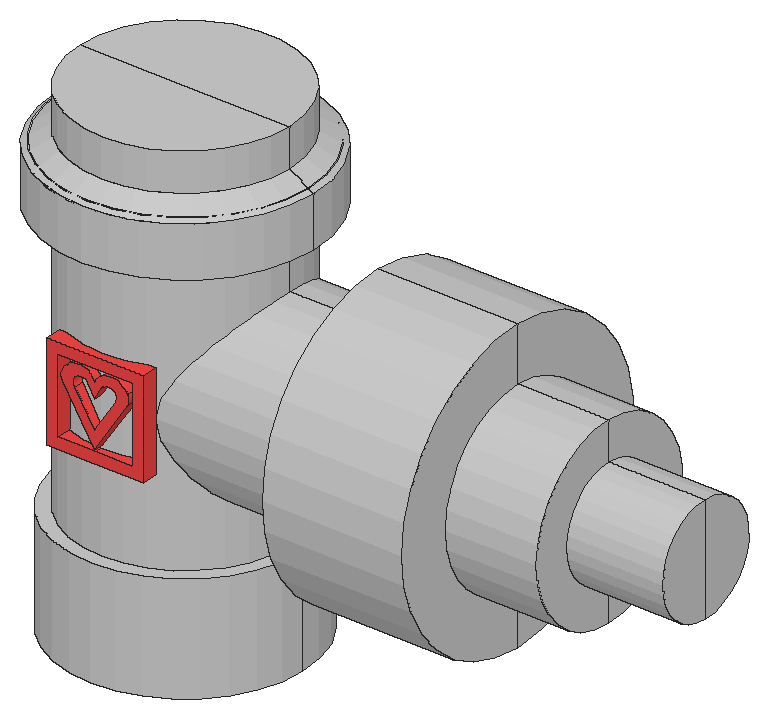
Revit family "RL-5 Rücklaufventil Eck 3924", category Rohrzubehör, Revit 2021
Family settings
  Bemaßung runder Anschluss = Durchmesser verwenden
  Teiletyp = Unterbricht
  OmniClass-Nummer = 23.65.55.14
  OmniClass-Titel = Valves for Liquid Services
  Arbeitsebenenbasiert = Nein
  Immer vertikal = Nein
  Beim Laden mit Abzugskörper schneiden = Nein
  Gemeinsam genutzt = Nein
Parameters
  W01 = 120.00°  # constant formula
  Vorgabe-Ansicht = 0.000 mm
  URL = "www.herz-armaturen.at"
  SCRNSEQ = "ARM;ARM_TYP=\"ALLF\";2"
  SCRNCODE = "05;01;02"  # constant formula
  S04 = 45.000 mm  # constant formula
  S03 [instance] = H02 - 5.000 mm + 41.000 mm  # 54.000 mm
  S02 [instance] = L04 + L03 - L02  # 23.000 mm
  S01 = 10.000 mm  # constant formula
  R04 = 9.750 mm  # constant formula
  R03 = 12.000 mm  # constant formula
  R02 = 9.750 mm  # constant formula
  Nennweite [instance] = 10.000 mm
  Medium = "Heizwasserqualität entsprechend ÖNORM H 5195 bzw. VDI-Richtllinie 2035."
  Max.Betriebstemperatur = 120 °C  # constant formula
  Max.Betriebsdruck = 1000000.0 Pa  # constant formula
  LO1 [instance] = D03 - 0.500 mm  # 11.000 mm
  L04 [instance] = size_lookup("3924_5_", "L4", 1.000 mm, Nennweite)  # 17.500 mm
  L03 [instance] = size_lookup("3924_5_", "L3", 1.000 mm, Nennweite)  # 13.000 mm
  L02 [instance] = size_lookup("3924_5_", "L2", 1.000 mm, Nennweite)  # 7.500 mm
  L01 [instance] = size_lookup("3924_5_", "L1", 1.000 mm, Nennweite)  # 25.500 mm
  Hersteller = "HERZ Armaturen Ges.m.b.H."  # constant formula
  H07 [instance] = H02 - H04  # 13.000 mm
  H06 = 3.500 mm  # constant formula
  H05 = 9.500 mm  # constant formula
  H04 = 5.000 mm  # constant formula
  H03 [instance] = size_lookup("3924_5_", "H3", 1.000 mm, Nennweite)  # 10.000 mm
  H02 [instance] = size_lookup("3924_5_", "H2", 1.000 mm, Nennweite)  # 18.000 mm
  H01 [instance] = size_lookup("3924_5_", "H1", 1.000 mm, Nennweite)  # 22.500 mm
  Gehäuse = "vernickeltes Messing"  # constant formula
  GT1 [instance] = size_lookup("3924_5_", "GT1", 1.000 mm, Nennweite)  # 9.000 mm
  GT [instance] = size_lookup("3924_5_", "GT", 1.000 mm, Nennweite)  # 10.000 mm
  G2 [instance] = Nennweite / 2  # 5.000 mm
  G1 [instance] = Nennweite / 2  # 5.000 mm
  R01 = 11.000 mm  # constant formula
  D06 [instance] = 8.750 mm  # constant formula
  D05 [instance] = size_lookup("3924_5_", "D5", 1.000 mm, Nennweite)  # 8.500 mm
  D04 [instance] = size_lookup("3924_5_", "D4", 1.000 mm, Nennweite)  # 13.500 mm
  D03 [instance] = 11.500 mm  # constant formula
  D02 [instance] = size_lookup("3924_5_", "D2", 1.000 mm, Nennweite)  # 7.940 mm
  D01 [instance] = size_lookup("3924_5_", "D1", 1.000 mm, Nennweite)  # 11.000 mm
  Bestellnummer [instance] = size_lookup("3924_5_", "Artnr", 0, Nennweite)  # 1392400
  Ausführungen = "Alle Modelle werden in vernickelter Ausführung geliefert und sind Universalmodelle mit Spezialmuffe für Gewinderohr\r\nund Klemmsetanschluß."
  Anwendungsgebiet = "Warmwasser-Heizungsanlagen\r\nDurch den Einbau des Rücklaufventils ist der Heizkörper-Rücklaufanschluß absperrbar.\r\nBei gleichzeitiger Absperrung des Vorlaufventils kann der Heizkörper bei unter Druck stehender Anlage demontiert werden.\r\nServicearbeiten oder Arbeiten an der Wand hinter dem Heizkörper (Tapezierung, Verfliesung) sind durchführbar, ohne die übrige Anlage stillsetzen zu müssen.\r\nMit dem HERZ-RL-5-Ventil kann die durch den Heizkörper strömende Wassermenge entsprechend der geforderten Leistung genau einreguliert werden.\r\nDies empfiehlt sich besonders beim Einbau von Thermostatventilen ohne Voreinstellung, weil durch die Begrenzung der Wassermenge voll wirksam wird und das hydraulische Gleichgewicht der Anlage erhalten bleibt.\r\nÜber das HERZ-RL-5-Ventil kann der Heizkörper oder die Anlage gefüllt oder entleert werden."
Reference planes
  plane 1 "Mitte (Vorne/hinten)": y = 0
  plane 2: z = 0
  plane 3 "Mitte (Links/rechts)": x = 0
Forms (mm)
  Revolve 1, solid, material "Messing, weicher Gelbton, geschweißt", detail levels fine
    sketch origin (0, 0, 0) x (1, 0, 0) y (0, 0, 1)
      loop
        line (0, 18) -> (-11.5, 18) -> (-11.5, 13) -> (-9.75, 13) -> (-9.75, -12.5) -> (-11, -12.5) -> (-11, -22.5) -> (-5, -22.5) -> (-5, -12.5) -> (0, -12.5) -> (0, 18)
      axis (0, 18) -> (0, -22.5)
    angle from 0 to 360
  Revolve 2, solid, material "Messing, weicher Gelbton, geschweißt", detail levels fine
    sketch origin (0, 0, 0) x (1, 0, 0) y (0, 0, 1)
      loop
        line (0, 0) -> (25.5, 0) -> (25.5, 7.94) -> (18, 7.94) -> (18, 8.75) -> (0, 8.75) -> (0, 0)
      axis (0, 0) -> (25.5, 0)
    angle from 0 to 360
  Revolve 3, solid, material "Messing, weicher Gelbton, geschweißt", detail levels fine
    sketch origin (-1, 0, 0) x (1, 0, 0) y (0, 0, 1)
      loop
        line (26.5, 0) -> (49.5, 0) -> (49.5, 5) -> (40.5, 5) -> (40.5, 8.5) -> (32, 8.5) -> (32, 13.5) -> (19, 13.5) -> (19, 7.94) -> (26.5, 7.94) -> (26.5, 0)
      axis (19, 0) -> (49.5, 0)
    angle from 0 to 360
  Revolve 4, solid, material "Messing, weicher Gelbton, geschweißt", detail levels fine
    sketch origin (0, 0, 1.5) x (1, 0, 0) y (0, 0, 1)
      loop
        line (0, 11.5) -> (12, 11.5) -> (12, 16.201) -> (9.75, 17.5) -> (9.75, 21) -> (0, 21) -> (0, 11.5)
      axis (0, 21) -> (0, 11.5)
    angle from 0 to 360
Lines and regions (mm)
  model lines, detail levels coarse+medium
    curve 1: line (0, 0, 0) -> (11, 0, -22.5)
    curve 2: line (11, 0, -22.5) -> (-11, 0, -22.5)
    curve 3: line (-11, 0, -22.5) -> (0, 0, 0)
    curve 4: line (0, 0, 0) -> (25.5, 0, 13.5)
    curve 5: line (25.5, 0, 13.5) -> (25.5, 0, -13.5)
    curve 6: line (25.5, 0, -13.5) -> (0, 0, 0)
    curve 7: line (25.5, 0, 13.5) -> (35.5, 0, 13.5)
    curve 8: line (35.5, 0, 13.5) -> (25.5, 0, 0)
    curve 9: line (25.5, 0, -13.5) -> (35.5, 0, -13.5)
    curve 10: line (35.5, 0, -13.5) -> (25.5, 0, 0)
    curve 11: line (25.5, 0, 0) -> (48.5, 0, 0)
    curve 12: line (0, 0, 0) -> (11, -22.5, 0)
    curve 13: line (11, -22.5, 0) -> (-11, -22.5, 0)
    curve 14: line (-11, -22.5, 0) -> (0, 0, 0)
    curve 15: line (0, 0, 0) -> (25.5, 13.5, 0)
    curve 16: line (25.5, 13.5, 0) -> (25.5, -13.5, 0)
    curve 17: line (25.5, -13.5, 0) -> (0, 0, 0)
    curve 18: line (25.5, 13.5, 0) -> (35.5, 13.5, 0)
    curve 19: line (35.5, 13.5, 0) -> (25.5, 0, 0)
    curve 20: line (25.5, -13.5, 0) -> (35.5, -13.5, 0)
    curve 21: line (25.5, 0, 0) -> (35.5, -13.5, 0)
Dimensions and locks
  "H02": Revolve 1 sketch curve to plane 2
  "H01": plane 2 to Revolve 1 sketch curve
  "G1": Revolve 1 sketch curve to Revolve 1 sketch curve
  "D01": Revolve 1 sketch curve to Revolve 1 sketch curve
  "GT": Revolve 1 sketch curve to Revolve 1 sketch curve
  "H03": Revolve 1 sketch curve to Revolve 1 sketch curve
  "D02": Revolve 2 sketch curve to Revolve 2 sketch curve
  "D06": Revolve 2 sketch curve to Revolve 2 sketch curve
  "L02": Revolve 2 sketch curve to Revolve 2 sketch curve
  "R02": nested 1 to plane 1 "Mitte (Vorne/hinten)"
  "L02": Revolve 3 sketch curve to Revolve 3 sketch curve
  "L03": Revolve 3 sketch curve to Revolve 3 sketch curve
  "L04": Revolve 3 sketch curve to Revolve 3 sketch curve
  "D04": Revolve 3 sketch curve to Revolve 3 sketch curve
  "G2": Revolve 3 sketch curve to Revolve 3 sketch curve
  "D05": Revolve 3 sketch curve to Revolve 3 sketch curve
  "GT1": Revolve 3 sketch curve to Revolve 3 sketch curve
  "L01": plane 3 "Mitte (Links/rechts)" to Revolve 3 sketch curve
  "D02": Revolve 3 sketch curve to plane 2
  "H01": plane 2 to curve 2
  "L01": curve 5 to plane 3 "Mitte (Links/rechts)"
  "D01": curve 2 to plane 3 "Mitte (Links/rechts)" to curve 3
  "D04": curve 5 to plane 2 to curve 6
  "S01": curve 5 to curve 8
  "S01": curve 5 to curve 10
  "S02": curve 11 to curve 11
  "H01": curve 13 to plane 1 "Mitte (Vorne/hinten)"
  "D01": curve 14 to plane 3 "Mitte (Links/rechts)" to curve 13
  "L01": plane 3 "Mitte (Links/rechts)" to curve 16
  "D04": curve 17 to plane 1 "Mitte (Vorne/hinten)" to curve 16
  "S01": curve 16 to curve 19
  "S01": curve 16 to curve 21
  "R02": Revolve 1 sketch curve to Revolve 1 sketch curve
  "D03": Revolve 1 sketch curve to Revolve 1 sketch curve
  "H04": Revolve 1 sketch curve to Revolve 1 sketch curve
  "L01": Revolve 2 sketch curve to plane 3 "Mitte (Links/rechts)"
  "H05": Revolve 4 sketch curve to Revolve 4 sketch curve
  "R04": Revolve 4 sketch curve to Revolve 4 sketch curve
  "R03": Revolve 4 sketch curve to Revolve 4 sketch curve
  "H06": Revolve 4 sketch curve to Revolve 4 sketch curve
  "H07": Revolve 4 sketch curve to plane 2
  "W01": angle Revolve 4 sketch curve to Revolve 4 sketch curve
  aligned and locked: level to plane 2
Automatic sketch dimensions
  curve 4 to level = 0.000 mm
  curve 4 to plane 3 "Mitte (Links/rechts)" = 0.000 mm
  curve 11 to level = 0.000 mm
  curve 8 to level = 0.000 mm
  plane 1 "Mitte (Vorne/hinten)" to curve 14 = 0.000 mm
  curve 14 to plane 3 "Mitte (Links/rechts)" = 0.000 mm
  plane 1 "Mitte (Vorne/hinten)" to curve 19 = 0.000 mm
  Revolve 1 sketch curve to plane 3 "Mitte (Links/rechts)" = 0.000 mm  (x2)
  Revolve 1 sketch curve to Revolve 1 sketch curve = 345.545 mm
  Revolve 1 sketch curve to Revolve 1 sketch curve = 2189.815 mm
  Revolve 2 sketch curve to level = 0.000 mm  (x2)
  Revolve 2 sketch curve to plane 3 "Mitte (Links/rechts)" = 0.000 mm
  Revolve 2 sketch curve to plane 3 "Mitte (Links/rechts)" = 9.500 mm
  Revolve 2 sketch curve to Revolve 2 sketch curve = 1815.148 mm
  Revolve 3 sketch curve to level = 0.000 mm  (x2)
  Revolve 3 sketch curve to plane 3 "Mitte (Links/rechts)" = 1507.530 mm
  Revolve 3 sketch curve to Revolve 3 sketch curve = 1789.648 mm
  Revolve 4 sketch curve to plane 3 "Mitte (Links/rechts)" = 0.000 mm  (x2)
  Revolve 4 sketch curve to level = 364.545 mm
  Revolve 4 sketch curve to Revolve 4 sketch curve = 2188.615 mm
Nested families
  nested 1: "Herz-Logo-vorne" at (0, -9.75, 0) x (0, -1, 0) z (0, 0, 1), type "Herz-Logo-vorne", detail levels fine
Connectors
  piping at (0, 0, -12.5), diameter 10, driven by "Nennweite"
    settings: on Revolve 1, index 1, connector inside diameter 609.6 mm, connector length 0.000 mm, flow factor 0, pipe flow 0.0 L/s, pressure drop 0.0 Pa, fitting loss kfactor 0, connector angle 0.00°, fixture units 0, engagement length 0.000 mm, angle of deflection 0.00°, flow configuration 0, flow direction 1, fitting loss method 0, system type 8, joint type 0, gender type 0, connector reference index -1, connector utility 0, adjustable connector no, is connector primary yes, connector description ""
  piping at (48.5, 0, 0), diameter 10, driven by "Nennweite"
    settings: on Revolve 3, index 2, connector inside diameter 609.6 mm, connector length 0.000 mm, flow factor 0, pipe flow 0.0 L/s, pressure drop 0.0 Pa, fitting loss kfactor 0, connector angle 0.00°, fixture units 0, engagement length 0.000 mm, angle of deflection 0.00°, flow configuration 0, flow direction 2, fitting loss method 0, system type 8, joint type 0, gender type 0, connector reference index -1, connector utility 0, adjustable connector no, is connector primary no, connector description ""
Definition of nested family "Herz-Logo-vorne"
  Parameters (values of type "Herz-Logo-vorne")
    Default Elevation = 0.000 mm
  Reference planes
    plane 1 "Mitte (Vorne/hinten)": y = 0
    plane 2: z = 0
    plane 3 "Mitte (Links/rechts)": x = 0
  Forms (mm)
    Extrusion 1, solid
      sketch origin (0.732, -0.018, 0.017) x (0, -1, 0) y (0, 0, 1)
        loop
          line (-0.018, -4.517) -> (4.482, -4.517) -> (4.482, 4.483) -> (-4.518, 4.483) -> (-4.518, -4.517) -> (-0.018, -4.517)
        loop
          line (-0.05, -3.48) -> (3.482, -3.48) -> (3.482, 3.483) -> (-3.518, 3.483) -> (-3.518, -3.48) -> (-0.05, -3.48)
        loop
          arc (-0.018, 2.383) -> (-1.543, 3.287) -> (-3.067, 2.383) r 1.738
          arc (-3.067, 2.383) -> (-3.191, 1.899) -> (-3.067, 1.415) r 1.009
          line (-3.067, 1.415) -> (-0.018, -3.281) -> (3.032, 1.415)
          arc (3.032, 1.415) -> (3.156, 1.899) -> (3.032, 2.383) r 1.009
          arc (3.032, 2.383) -> (1.507, 3.287) -> (-0.018, 2.383) r 1.738
        loop
          arc (1.885, 1.272) -> (2.005, 1.675) -> (1.885, 2.079) r 0.74
          arc (1.885, 2.079) -> (1.265, 2.416) -> (0.644, 2.079) r 0.74
          line (0.644, 2.079) -> (-0.018, 0.97) -> (-0.679, 2.079)
          arc (-0.679, 2.079) -> (-1.3, 2.416) -> (-1.921, 2.079) r 0.74
          arc (-1.921, 2.079) -> (-2.04, 1.675) -> (-1.921, 1.272) r 0.74
          line (-1.921, 1.272) -> (-0.018, -1.658) -> (1.885, 1.272)
      from 0 to 1.5
  Dimensions and locks
    aligned and locked: level to plane 2
